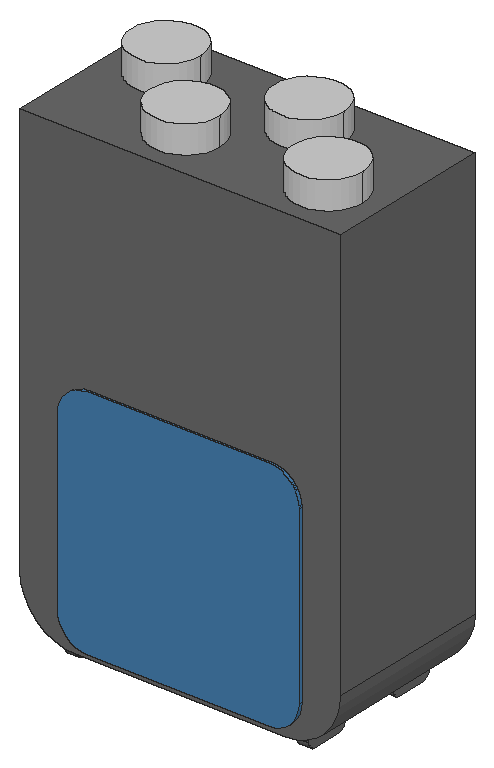
Revit family "BLAUBERG-KOMFORT_EC_S5B_270", category Mechanical Equipment, Revit 2019
Family settings
  Round Connector Dimension = Use Diameter
  Classification = None
  Part Type = Normal
  OmniClass Number = 23.75.35.14
  OmniClass Title = Air Handling Units
  Work Plane-Based = No
  Always vertical = Yes
  Cut with Voids When Loaded = No
  Shared = No
  Room Calculation Point = No
Parameters (values of type "KOMFORT EC S5B 270-E S21")
  dLFloorSupports = 80 mm
  dBFloorSupports = 55 mm
  Weight = 13.50 kg
  Standard Service Side [instance] = yes
  Sound Pressure Level at 3 m (dBA) = "34"
  Sevice Door Material = Polypropylene Blue
  ServiceDoorThickness = 5 mm  # constant formula
  ServiceDoorR = 55 mm  # constant formula
  ServiceDoorH1 = 10 mm
  ServiceDoorH = 424 mm
  ServiceDoorL = 436 mm
  Service Side 2 [instance] = Standard Service Side  # yes
  Service Side 1 [instance] = not(Standard Service Side)  # no
  Maintenance Zone Side 2 [instance] = if(Maintenance Zone, (if(not(Standard Service Side), 1 = 1, 1 = 0)), 1 = 0)  # no
  Maintenance Zone Side 1 [instance] = if(Maintenance Zone, (if(Standard Service Side, 1 = 1, 1 = 0)), 1 = 0)  # no
  Plastic Material = Polypropylene Black
  Maximum Unit Power = 162 W
  Unit Current = 1.2 A
  FloorSupportHCalc = FloorSupportH + ServiceDoorH1  # 30 mm
  FloorSupportH = 20 mm  # constant formula
  Floor Supports [instance] = yes
  L4 = 225 mm
  L3 = 96 mm
  L2 = 225 mm
  L1 = 96 mm
  Heat Exchanger Material = "enthalpy"
  HDuctCon = 50 mm  # constant formula
  H = 844 mm
  ElConL = 289 mm
  ElConH = 520 mm
  ElConAngle [instance] = if(Standard Service Side, 0.00°, 180.00°)  # 0.00°
  DrainPipeD = if(Drain Connection Diameter = 0 mm, 1 mm, Drain Connection Diameter)  # 1 mm
  DrainPipe = no
  DrainConB2 = 143 mm
  DrainConB1 = 143 mm
  Drain Flow [instance] = 0.0 L/s
  Drain Connection Diameter = 0 mm
  CasingR = 100 mm  # constant formula
  BHalf = B / 2  # 150 mm
  B2 = 91 mm
  Air Flow Factor [instance] = 1  # constant formula
  B1 = 91 mm
  L = 578 mm
  Voltage = 230 V
  URL = "https://blaubergventilatoren.de/en/product/komfort-ec-s5b270-e-s21"
  Type Comments = "Air Handling Unit KOMFORT EC S5B 270-E S21"
  Transported Air Temperature (°C) = "-25…+40"
  Supply Air Filter = "G4 (option F8)"
  SEC Class = "A"
  RPM (min-1) = 3200
  Power Factor = 1
  Power = Maximum Unit Power  # 162 W
  Number of Poles = 1
  Model = "KOMFORT EC S5B 270-E S21"
  Maximum Air Flow = 300 m³/h
  Manufacturer = "Blauberg"
  Maintenance Zone Material = Maintenance Zone
  Front Maintenance Zone Height = 500 mm
  Maintenance Zone [instance] = no
  Load Classification = HVAC
  B = 300 mm
  Heat recovery efficiency (%) = "72..94"
  Heat Exchanger Type = "counter-flow"
  Metal Material = Metal Zinc
  Family Version = "1.0"  # constant formula
  Extract Air Filter = "G4"
  Duct Connection Diameter = 125 mm
  Description = "Air Handling Unit"
  D = Duct Connection Diameter  # 125 mm
  Current = Unit Current  # 1.2 A
  Copyright = "©Blauberg"
  Casing Material = Polypropylene Black
  Apparent Power [instance] = Power / Power Factor  # 162 VA
  Air Flow Supply [instance] = 0 m³/h
  Air Flow Exhaust [instance] = 0 m³/h
Types (4, lengths in mm): name | Weight | Heat Exchanger Material | DrainPipeD | DrainPipe | Drain Connection Diameter | URL | Type Comments | SEC Class | Model | Heat recovery efficiency (%)
  KOMFORT EC S5B 270 S21 | 13.00 kg | "polystyrene" | 15 | yes | 15 | "https://blaubergventilatoren.de/en/product/komfort-ec-s5b270-s21" | "Air Handling Unit KOMFORT EC S5B 270 S21" | "A+" | "KOMFORT EC S5B 270 S21" | "87..98"
  KOMFORT EC S5B 270-E S21 | 13.50 kg | "enthalpy" | 1 | no | 0 | "https://blaubergventilatoren.de/en/product/komfort-ec-s5b270-e-s21" | "Air Handling Unit KOMFORT EC S5B 270-E S21" | "A" | "KOMFORT EC S5B 270-E S21" | "72..94"
  KOMFORT EC S5B 270 S14 | 13.00 kg | "polystyrene" | 15 | yes | 15 | "https://blaubergventilatoren.de/en/product/komfort-ec-s5b270-s14" | "Air Handling Unit KOMFORT EC S5B 270 S14" | "A+" | "KOMFORT EC S5B 270 S14" | "87..98"
  KOMFORT EC S5B 270-E S14 | 13.50 kg | "enthalpy" | 1 | no | 0 | "https://blaubergventilatoren.de/en/product/komfort-ec-s5b270-e-s14" | "Air Handling Unit KOMFORT EC S5B 270-E S14" | "A" | "KOMFORT EC S5B 270-E S14" | "72..94"
Reference planes
  plane 1 "Center (Front/Back)": y = 0
  plane 2 "Floor": z = 0
  plane 3 "Center (Left/Right)": x = 0
  plane 4 "Right": x = 289
  plane 5 "Front": y = -150
  plane 6 "Left": x = -289
  plane 7 "Top": z = 864
  plane 8 "Back": y = 150
  plane 9 "DuctConL2": x = -64
  plane 10 "DuctConB1": y = 59
  plane 11 "DuctConB2": y = -59
  plane 12 "DuctConB3": z = 914
  plane 13 "ServiceDoorH2": z = 454
  plane 14 "Bottom": z = 20
  plane 15 "FeetsL1": x = -209
  plane 16 "FeetsL2": x = 209
  plane 17 "FeetsB1": y = 95
  plane 18 "FeetsB2": y = -95
  plane 19 "ElConH": z = 540
  plane 20 "DuctConL4": x = 64
  plane 21 "DuctConL1": x = -193
  plane 22 "ElConB": y = 20
  plane 23 "DrainConB2": x = 146
  plane 24 "DuctConL3": x = 193
  plane 25 "ServiceDoorH1": z = 30
  plane 26 "ServiceDoorL1": x = -218
  plane 27 "ServiceDoorL2": x = 218
  plane 28 "DrainConB1": x = -146
  plane 29 "ServiceDoorThickness1": y = 155
  plane 30 "ServiceDoorThickness2": y = -155
  plane 31 "ElConL": x = 0
Forms (mm)
  Extrusion 1, solid, material "Metal Zinc" <- "Metal Material", detail levels medium+fine
    sketch origin (0, 0, 864) x (-1, 0, 0) y (0, -1, 0)
      loop
        circle (-193, 59) r 62.5
      loop
        circle (64, 59) r 62.5
      loop
        circle (193, -59) r 62.5
      loop
        circle (-64, -59) r 62.5
    from 0 to 50
  Extrusion 2, solid, material "Polypropylene Black" <- "Plastic Material", visible <- "DrainPipe", detail levels medium+fine
    sketch origin (0, 0, 20) x (-1, 0, 0) y (0, -1, 0)
      loop
        circle (-146, 0) r 0.5
    from 0 to -35
  Extrusion 3, solid, material "Polypropylene Black" <- "Casing Material", detail levels medium+fine
    sketch origin (0, 153.5, 0) x (-1, 0, 0) y (0, 0, 1)
      loop
        line (289, 864) -> (-289, 864) -> (-289, 120)
        arc (-289, 120) -> (-259.711, 49.289) -> (-189, 20) r 100
        line (-189, 20) -> (189, 20)
        arc (189, 20) -> (259.711, 49.289) -> (289, 120) r 100
        line (289, 120) -> (289, 864)
    from -303.5 to -3.5
  Extrusion 4, solid, material "Polypropylene Blue" <- "Sevice Door Material", detail levels medium+fine
    sketch origin (0, -150, 0) x (-1, 0, 0) y (0, 0, 1)
      loop
        line (163, 454) -> (-163, 454)
        arc (-163, 454) -> (-201.891, 437.891) -> (-218, 399) r 55
        line (-218, 399) -> (-218, 85)
        arc (-218, 85) -> (-201.891, 46.109) -> (-163, 30) r 55
        line (-163, 30) -> (163, 30)
        arc (163, 30) -> (201.891, 46.109) -> (218, 85) r 55
        line (218, 85) -> (218, 399)
        arc (218, 399) -> (201.891, 437.891) -> (163, 454) r 55
    from 0 to -5
  Extrusion 5, solid, material "Polypropylene Blue" <- "Sevice Door Material", detail levels medium+fine
    sketch origin (0, 150, 0) x (-1, 0, 0) y (0, 0, 1)
      loop
        line (163, 454) -> (-163, 454)
        arc (-163, 454) -> (-201.891, 437.891) -> (-218, 399) r 55
        line (-218, 399) -> (-218, 85)
        arc (-218, 85) -> (-201.891, 46.109) -> (-163, 30) r 55
        line (-163, 30) -> (163, 30)
        arc (163, 30) -> (201.891, 46.109) -> (218, 85) r 55
        line (218, 85) -> (218, 399)
        arc (218, 399) -> (201.891, 437.891) -> (163, 454) r 55
    from 0 to 5
  Extrusion 6, solid, material "Polypropylene Black" <- "Plastic Material", visible <- "DrainPipe", detail levels medium+fine
    sketch origin (0, 0, 20) x (-1, 0, 0) y (0, -1, 0)
      loop
        circle (146, 0) r 0.5
    from 0 to -35
Lines and regions (mm)
  model lines, detail levels coarse
    curve 1: line (-289, -150, 864) -> (-289, 150, 864)
    curve 2: line (289, -150, 864) -> (-289, -150, 864)
    curve 3: line (289, 150, 864) -> (289, -150, 864)
    curve 4: line (-289, -150, 20) -> (-289, 150, 20)
    curve 5: line (289, -150, 20) -> (-289, -150, 20)
    curve 6: line (289, 150, 20) -> (289, -150, 20)
    curve 7: line (-289, -150, 864) -> (289, -150, 864)
    curve 8: line (-289, -150, 20) -> (-289, -150, 864)
    curve 9: line (289, -150, 20) -> (-289, -150, 20)
    curve 10: line (289, -150, 864) -> (289, -150, 20)
    curve 11: line (-289, -150, 864) -> (-289, -150, 20)
    curve 12: line (289, -150, 864) -> (289, -150, 20)
    curve 13: line (-64, -59, 914) -> (-64, -59, 864)
    curve 14: line (-289, 150, 20) -> (289, 150, 20)
    curve 15: line (-289, 150, 864) -> (289, 150, 864)
    curve 16: line (-289, 150, 864) -> (-289, 150, 20)
    curve 17: line (289, 150, 864) -> (289, 150, 20)
    curve 18: line (-193, 59, 914) -> (-193, 59, 864)
    curve 19: line (193, -59, 914) -> (193, -59, 864)
    curve 20: line (64, 59, 914) -> (64, 59, 864)
  reference lines
    curve 21: line (0, 0, 540) -> (0, 150, 540)
Dimensions and locks
  "B": plane 8 "Back" to plane 5 "Front"
  equal spacing: plane 6 "Left", plane 3 "Center (Left/Right)", plane 4 "Right"
  "L": plane 6 "Left" to plane 4 "Right"
  "dBFloorSupports": plane 8 "Back" to plane 17 "FeetsB1"
  "dBFloorSupports": plane 18 "FeetsB2" to plane 5 "Front"
  "dLFloorSupports": plane 6 "Left" to plane 15 "FeetsL1"
  "dLFloorSupports": plane 16 "FeetsL2" to plane 4 "Right"
  "FloorSupportH": plane 14 "Bottom" to level
  "HDuctCon": plane 12 "DuctConB3" to plane 7 "Top"
  "H": plane 7 "Top" to plane 14 "Bottom"
  "B1": plane 11 "DuctConB2" to plane 5 "Front"
  "L1": plane 6 "Left" to plane 21 "DuctConL1"
  plane 8 "Back" to plane 22 "ElConB" = 130 mm
  "ElConH": plane 19 "ElConH" to plane 14 "Bottom"
  "L2": plane 6 "Left" to plane 9 "DuctConL2"
  "L4": plane 20 "DuctConL4" to plane 4 "Right"
  equal spacing: plane 8 "Back", plane 1 "Center (Front/Back)", plane 5 "Front"
  "L3": plane 24 "DuctConL3" to plane 4 "Right"
  "B2": plane 8 "Back" to plane 10 "DuctConB1"
  "DrainConB2": plane 23 "DrainConB2" to plane 4 "Right"
  "ServiceDoorH1": plane 25 "ServiceDoorH1" to plane 14 "Bottom"
  "ServiceDoorH": plane 13 "ServiceDoorH2" to plane 25 "ServiceDoorH1"
  equal spacing: plane 26 "ServiceDoorL1", plane 3 "Center (Left/Right)", plane 27 "ServiceDoorL2"
  "ServiceDoorL": plane 26 "ServiceDoorL1" to plane 27 "ServiceDoorL2"
  "DrainConB1": plane 6 "Left" to plane 28 "DrainConB1"
  "ServiceDoorThickness": plane 29 "ServiceDoorThickness1" to plane 8 "Back"
  "ServiceDoorThickness": plane 5 "Front" to plane 30 "ServiceDoorThickness2"
  "ElConL": plane 6 "Left" to plane 31 "ElConL"
  "BHalf": curve 21 to curve 21
  "D": diameter of Extrusion 1 sketch curve  (x4)
  "DrainPipeD": diameter of Extrusion 2 sketch curve
  "CasingR": radius of Extrusion 3 sketch curve  (x2)
  "ServiceDoorR": radius of Extrusion 4 sketch curve  (x4)
  "ServiceDoorR": radius of Extrusion 5 sketch curve  (x4)
  "DrainPipeD": diameter of Extrusion 6 sketch curve
  "ElConAngle": angle curve 21 to plane 31 "ElConL"
  aligned and locked: level to plane 2 "Floor"
  aligned and locked: plane 15 "FeetsL1" to nested 1
  aligned and locked: nested 1 to plane 17 "FeetsB1"
  aligned and locked: plane 16 "FeetsL2" to nested 2
  aligned and locked: nested 2 to plane 17 "FeetsB1"
  aligned and locked: nested 3 to plane 18 "FeetsB2"
  aligned and locked: plane 16 "FeetsL2" to nested 3
  aligned and locked: plane 15 "FeetsL1" to nested 4
  aligned and locked: nested 4 to plane 18 "FeetsB2"
  aligned and locked: plane 3 "Center (Left/Right)" to nested 5
  aligned and locked: nested 5 to plane 7 "Top"
  aligned and locked: curve 4 to curve 1
  aligned and locked: curve 5 to curve 2
  aligned and locked: curve 6 to nested 5
  aligned and locked: curve 11 to plane 5 "Front"
  aligned and locked: curve 12 to plane 5 "Front"
  aligned and locked: plane 12 "DuctConB3" to curve 13
  aligned and locked: plane 7 "Top" to curve 13
  aligned and locked: plane 8 "Back" to curve 3
  aligned and locked: plane 8 "Back" to curve 6
  aligned and locked: plane 6 "Left" to curve 14
  aligned and locked: curve 14 to plane 8 "Back"
  aligned and locked: plane 4 "Right" to curve 15
  aligned and locked: plane 6 "Left" to curve 15
  aligned and locked: curve 15 to plane 8 "Back"
  aligned and locked: plane 12 "DuctConB3" to Extrusion 1
  aligned and locked: plane 3 "Center (Left/Right)" to nested 6
  aligned and locked: nested 6 to plane 7 "Top"
  aligned and locked: plane 7 "Top" to curve 16
  aligned and locked: plane 14 "Bottom" to curve 16
  aligned and locked: plane 7 "Top" to curve 17
  aligned and locked: plane 14 "Bottom" to curve 17
  aligned and locked: plane 8 "Back" to curve 16
  aligned and locked: plane 8 "Back" to curve 17
  aligned and locked: plane 12 "DuctConB3" to curve 18
  aligned and locked: plane 12 "DuctConB3" to curve 19
  aligned and locked: plane 7 "Top" to curve 19
  aligned and locked: plane 7 "Top" to curve 18
  aligned and locked: curve 18 to plane 21 "DuctConL1"
  aligned and locked: plane 12 "DuctConB3" to curve 20
  aligned and locked: plane 7 "Top" to curve 20
  aligned and locked: curve 20 to plane 20 "DuctConL4"
  aligned and locked: plane 11 "DuctConB2" to Extrusion 1 sketch curve  (x2)
  aligned and locked: plane 10 "DuctConB1" to Extrusion 1 sketch curve  (x2)
  aligned and locked: curve 19 to plane 24 "DuctConL3"
  aligned and locked: Extrusion 3 sketch curve to curve 2
  aligned and locked: curve 8 to Extrusion 3 sketch curve
  aligned and locked: curve 5 to Extrusion 3 sketch curve
  aligned and locked: Extrusion 3 sketch curve to curve 10
  aligned and locked: Extrusion 3 to plane 5 "Front"
  aligned and locked: plane 8 "Back" to Extrusion 3
  aligned and locked: plane 13 "ServiceDoorH2" to Extrusion 4 sketch curve
  aligned and locked: Extrusion 4 sketch curve to plane 26 "ServiceDoorL1"
  aligned and locked: Extrusion 4 sketch curve to plane 25 "ServiceDoorH1"
  aligned and locked: plane 27 "ServiceDoorL2" to Extrusion 4 sketch curve
  aligned and locked: plane 9 "DuctConL2" to Extrusion 1 sketch curve
  aligned and locked: plane 20 "DuctConL4" to Extrusion 1 sketch curve
  aligned and locked: plane 21 "DuctConL1" to Extrusion 1 sketch curve
  aligned and locked: plane 1 "Center (Front/Back)" to Extrusion 6 sketch curve
  aligned and locked: plane 28 "DrainConB1" to Extrusion 6 sketch curve
  aligned and locked: plane 11 "DuctConB2" to curve 13
  aligned and locked: plane 29 "ServiceDoorThickness1" to Extrusion 5
  aligned and locked: Extrusion 4 to plane 30 "ServiceDoorThickness2"
  aligned and locked: plane 1 "Center (Front/Back)" to curve 21
  aligned and locked: plane 31 "ElConL" to curve 21
Automatic sketch dimensions
  curve 3 to plane 5 "Front" = 0 mm
  curve 7 to plane 4 "Right" = 0 mm
  curve 9 to plane 6 "Left" = 0 mm
  curve 9 to plane 14 "Bottom" = 0 mm
  curve 8 to plane 7 "Top" = 0 mm
  curve 11 to plane 14 "Bottom" = 0 mm
  curve 11 to plane 7 "Top" = 0 mm
  curve 12 to plane 14 "Bottom" = 0 mm
  curve 12 to plane 7 "Top" = 0 mm
  Extrusion 1 sketch curve to plane 24 "DuctConL3" = 0 mm
  Extrusion 1 sketch curve to plane 9 "DuctConL2" = 0 mm
  plane 1 "Center (Front/Back)" to Extrusion 2 sketch curve = 0 mm
  Extrusion 2 sketch curve to plane 23 "DrainConB2" = 0 mm
  Extrusion 5 sketch curve to plane 27 "ServiceDoorL2" = 0 mm
  Extrusion 5 sketch curve to plane 13 "ServiceDoorH2" = 0 mm
  Extrusion 5 sketch curve to plane 25 "ServiceDoorH1" = 0 mm
  Extrusion 5 sketch curve to plane 26 "ServiceDoorL1" = 0 mm
Nested families
  nested 1: "FloorSupport" at (-209, 95, 30) x (1, 0, 0) z (0, 0, -1), visible <- "Floor Supports", type "FloorSupport", detail levels medium+fine
    with r1 13.5 mm, H 30 mm, L 80 mm
  nested 2: "FloorSupport" at (209, 95, 30) x (1, 0, 0) z (0, 0, -1), visible <- "Floor Supports", type "FloorSupport", detail levels medium+fine
    with r1 13.5 mm, H 30 mm, L 80 mm
  nested 3: "FloorSupport" at (209, -95, 30) x (1, 0, 0) z (0, 0, -1), visible <- "Floor Supports", type "FloorSupport", detail levels medium+fine
    with r1 13.5 mm, H 30 mm, L 80 mm
  nested 4: "FloorSupport" at (-209, -95, 30) x (1, 0, 0) z (0, 0, -1), visible <- "Floor Supports", type "FloorSupport", detail levels medium+fine
    with r1 13.5 mm, H 30 mm, L 80 mm
  nested 5: "MaintenanceZone_Rect" at (0, -150, 442) x (1, 0, 0) z (0, 1, 0), visible <- "Maintenance Zone Side 1", type "Front", detail levels medium+fine
    with Maintenance Zone Width 844 mm, Maintenance Zone Length 578 mm, Maintenance Zone Height 500 mm
  nested 6: "MaintenanceZone_Rect" at (0, 150, 442) x (1, 0, 0) z (0, -1, 0), visible <- "Maintenance Zone Side 2", type "Front", detail levels medium+fine
    with Maintenance Zone Width 844 mm, Maintenance Zone Length 578 mm, Maintenance Zone Height 500 mm
Connectors
  hvac at (193, -59, 914), driven by "Duct Connection Diameter", driven by "Air Flow Supply"
    settings: on Extrusion 1, index 1, duct flow 0 m³/h, flow factor 0, pres drop 0.0 Pa, loss coef 0, conn angle 0.00°, conn width 304.8 mm, conn height 304.8 mm, conn diameter 125 mm, duct sys type 1, conn prof type 0, flow config 0, flow direction 2, loss method 0, conn ref index -1, conn util no, is conn primary no, conn desc "Supply Air"
  hvac at (64, 59, 914), driven by "Duct Connection Diameter", driven by "Air Flow Exhaust"
    settings: on Extrusion 1, index 2, duct flow 0 m³/h, flow factor 0, pres drop 0.0 Pa, loss coef 0, conn angle 0.00°, conn width 304.8 mm, conn height 304.8 mm, conn diameter 125 mm, duct sys type 3, conn prof type 0, flow config 0, flow direction 1, loss method 0, conn ref index -1, conn util no, is conn primary no, conn desc "Extract Air"
  hvac at (-193, 59, 914), driven by "Duct Connection Diameter", driven by "Air Flow Exhaust"
    settings: on Extrusion 1, index 3, duct flow 0 m³/h, flow factor 0, pres drop 0.0 Pa, loss coef 0, conn angle 0.00°, conn width 304.8 mm, conn height 304.8 mm, conn diameter 125 mm, duct sys type 3, conn prof type 0, flow config 1, flow direction 2, loss method 0, conn ref index -1, conn util no, is conn primary no, conn desc "Exhaust Air"
  hvac at (-64, -59, 914), driven by "Duct Connection Diameter", driven by "Air Flow Supply"
    settings: on Extrusion 1, index 4, duct flow 0 m³/h, flow factor 0, pres drop 0.0 Pa, loss coef 0, conn angle 0.00°, conn width 304.8 mm, conn height 304.8 mm, conn diameter 125 mm, duct sys type 1, conn prof type 0, flow config 1, flow direction 1, loss method 0, conn ref index -1, conn util no, is conn primary yes, conn desc "Intake Air"
  piping at (146, 0, -15), driven by "Drain Connection Diameter", driven by "Drain Flow"
    settings: on Extrusion 2, index 7, connector diameter 0 mm, connector inside diameter 609.6 mm, connector length 0 mm, flow factor 0, pipe flow 0.0 L/s, pressure drop 0.0 Pa, fitting loss kfactor 0, connector angle 0.00°, fixture units 0, engagement length 0 mm, angle of deflection 0.00°, flow configuration 1, flow direction 2, fitting loss method 0, system type 16, joint type 0, gender type 0, connector reference index -1, connector utility 0, adjustable connector no, is connector primary yes, connector description "Drain"
  piping at (-146, 0, -15), driven by "Drain Connection Diameter", driven by "Drain Flow"
    settings: on Extrusion 6, index 8, connector diameter 0 mm, connector inside diameter 609.6 mm, connector length 0 mm, flow factor 0, pipe flow 0.0 L/s, pressure drop 0.0 Pa, fitting loss kfactor 0, connector angle 0.00°, fixture units 0, engagement length 0 mm, angle of deflection 0.00°, flow configuration 1, flow direction 2, fitting loss method 0, system type 16, joint type 0, gender type 0, connector reference index -1, connector utility 0, adjustable connector no, is connector primary no, connector description "Drain"
  electrical at (0, 150, 540), driven by "Number of Poles", driven by "Load Classification", driven by "Voltage", driven by "Apparent Power", driven by "Power Factor"
    settings: on curve 21, index 9, voltage 230 V, apparent load 162 VA, apparent load phase1 0 VA, apparent load phase2 0 VA, apparent load phase3 0 VA, power factor 1, load classification "HVAC", number of poles 1, system type 30, power factor state 1, is connector primary yes, connector utility no, sub classification motor no, connector description ""
Definition of nested family "FloorSupport"
  Parameters (values of type "FloorSupport")
    r1 = H * 0.45  # 9 mm
    W = 20 mm
    Material = none
    H = 20 mm
    Default Elevation = 1219.2 mm
    L = 40 mm
  Reference planes
    plane 1 "Center (Front/Back)": y = 0
    plane 2: z = 0
    plane 3 "Center (Left/Right)": x = 0
    plane 4: z = 20
    plane 5: x = -10
    plane 6: x = 10
    plane 7: y = -20
    plane 8: y = 20
  Forms (mm)
    Extrusion 1, solid, material <- "Material"
      sketch origin (0, 0, 0) x (0, 1, 0) y (0, 0, 1)
        loop
          line (11, 20) -> (-11, 20)
          arc (-11, 20) -> (-17.364, 17.364) -> (-20, 11) r 9
          line (-20, 11) -> (-20, 9)
          arc (-20, 9) -> (-17.364, 2.636) -> (-11, 0) r 9
          line (-11, 0) -> (11, 0)
          arc (11, 0) -> (17.364, 2.636) -> (20, 9) r 9
          line (20, 9) -> (20, 11)
          arc (20, 11) -> (17.364, 17.364) -> (11, 20) r 9
      from -10 to 10
  Dimensions and locks
    "H": plane 4 to plane 2
    equal spacing: plane 7, plane 1 "Center (Front/Back)", plane 8
    equal spacing: plane 5, plane 3 "Center (Left/Right)", plane 6
    "W": plane 5 to plane 6
    "L": plane 8 to plane 7
    "r1": radius of Extrusion 1 sketch curve  (x4)
    aligned and locked: level to plane 2
    aligned and locked: plane 4 to Extrusion 1 sketch curve
    aligned and locked: plane 8 to Extrusion 1 sketch curve
    aligned and locked: Extrusion 1 sketch curve to level
    aligned and locked: Extrusion 1 sketch curve to plane 7
    aligned and locked: Extrusion 1 to plane 5
    aligned and locked: plane 6 to Extrusion 1
Definition of nested family "MaintenanceZone_Rect"
  Parameters (values of type "MaintenanceZone_Rect")
    Maintenance Zone Width = 500 mm
    Material = none
    Maintenance Zone Length = 1000 mm
    Maintenance Zone Height = 300 mm
    Family Version = ""
    Default Elevation = 1219.2 mm
    Copyright = ""
  Reference planes
    plane 1 "Center (Front/Back)": y = 0
    plane 2: z = 0
    plane 3 "Center (Left/Right)": x = 0
    plane 4: x = -500
    plane 5: x = 500
    plane 6: y = 250
    plane 7: y = -250
    plane 8: z = -300
  Forms (mm)
    Extrusion 1, solid, material <- "Material", detail levels medium+fine
      sketch origin (0, 0, 0) x (1, 0, 0) y (0, 1, 0)
        loop
          line (-500, 250) -> (-500, -250) -> (500, -250) -> (500, 250) -> (-500, 250)
      from 0 to -300
  Lines and regions (mm)
    symbolic lines, detail levels medium+fine
      curve 1: line (-500, 0, 0) -> (500, 0, 0)
      curve 2: line (-500, 0, -300) -> (-500, 0, 0)
      curve 3: line (500, 0, -300) -> (-500, 0, -300)
      curve 4: line (500, 0, 0) -> (500, 0, -300)
      curve 5: line (0, 250, 0) -> (0, -250, 0)
      curve 6: line (0, 250, -300) -> (0, 250, 0)
      curve 7: line (0, -250, -300) -> (0, 250, -300)
      curve 8: line (0, -250, 0) -> (0, -250, -300)
      curve 9: line (-500, 250, 0) -> (500, 250, 0)
      curve 10: line (-500, -250, 0) -> (-500, 250, 0)
      curve 11: line (500, -250, 0) -> (-500, -250, 0)
      curve 12: line (500, 250, 0) -> (500, -250, 0)
  Dimensions and locks
    equal spacing: plane 6, plane 1 "Center (Front/Back)", plane 7
    equal spacing: plane 4, plane 3 "Center (Left/Right)", plane 5
    "Maintenance Zone Width": plane 6 to plane 7
    "Maintenance Zone Length": plane 4 to plane 5
    "Maintenance Zone Height": plane 2 to plane 8
    aligned and locked: level to plane 2
    aligned and locked: Extrusion 1 sketch curve to plane 6
    aligned and locked: plane 4 to Extrusion 1 sketch curve
    aligned and locked: plane 7 to Extrusion 1 sketch curve
    aligned and locked: Extrusion 1 sketch curve to plane 5
    aligned and locked: Extrusion 1 to plane 8
    aligned and locked: curve 1 to Extrusion 1
    aligned and locked: curve 2 to Extrusion 1
    aligned and locked: curve 3 to Extrusion 1
    aligned and locked: curve 4 to Extrusion 1
    aligned and locked: curve 5 to Extrusion 1
    aligned and locked: curve 6 to Extrusion 1
    aligned and locked: curve 7 to Extrusion 1
    aligned and locked: curve 8 to Extrusion 1
    aligned and locked: curve 9 to Extrusion 1
    aligned and locked: curve 10 to Extrusion 1
    aligned and locked: curve 11 to Extrusion 1
    aligned and locked: curve 12 to Extrusion 1
